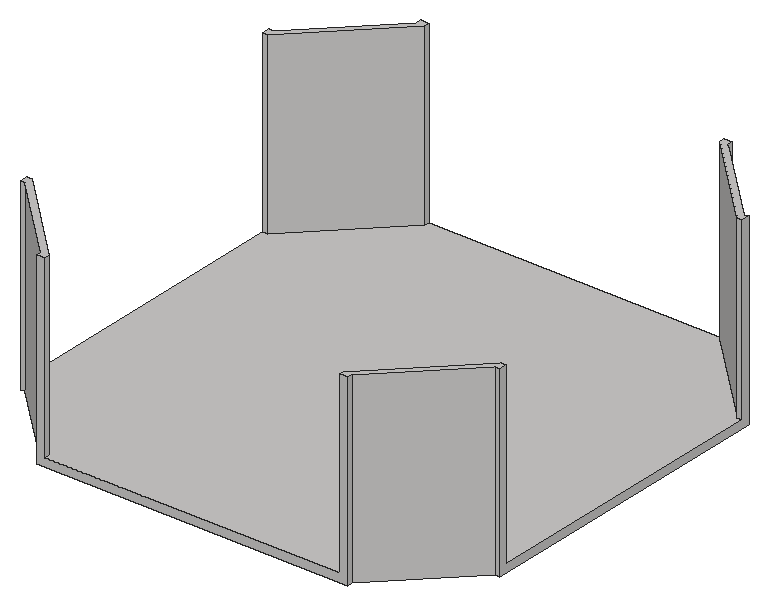
Revit family "Cable_Tray_Fitting-Solid_Tray-OBO_Bettermann-Channel_Horizontal_Cross_Over-MKS_Magic", category Cable Tray Fittings, Revit 2012
Parameters (values of type "Hot Dipped Galvanised")
  URL = "http://www.obo-bettermann.com/"
  Tray Width 3 [instance] = 100 mm
  Tray Width 1 [instance] = 100 mm
  Tray Length [instance] = 1.588 mm
  Tray Height [instance] = 60 mm
  Tray Connector 4 Location [instance] = if(Tray Width 3 > 399.9 mm, (Tray Width 3 / 2) + 255 mm, (Tray Width 3 / 2) + 27 mm)  # 77 mm
  Tray Connector 3 Location [instance] = if(Tray Width 3 > 399.9 mm, (Tray Width 3 / 2) + 255 mm, (Tray Width 3 / 2) + 27 mm)  # 77 mm
  Tray Connector 2 Location [instance] = if(Tray Width 1 > 399.9 mm, (Tray Width 1 / 2) + 255 mm, (Tray Width 1 / 2) + 27 mm)  # 77 mm
  Tray Connector 1 Location [instance] = if(Tray Width 1 > 399.9 mm, (Tray Width 1 / 2) + 255 mm, (Tray Width 1 / 2) + 27 mm)  # 77 mm
  built-in parameter 1140111 [instance] = 2.58 mm
  Small Tray Cross Over [instance] = not(Large Tray Cross Over)  # yes
  Radius = 25.4 mm
  Product Page URL = "http://catalog2.obo-bettermann.com/catalogue/catalogue.do?favOid=kts_315277&act=showIO&lang=en&action=start&catId=KTS&forward=showSolutionView"
  Product Documentation Link = ""
  Pre Galvanized = yes
  Model = "MKS-Magic"
  Manufacturer = "OBO Bettermann"
  Large Tray Cross Over [instance] = (Tray Width 1 > 399.9 mm)  # no
  Description = "Solid Cable tray"
  Connector Description 4 = "Connector for Cable Tray 4"  # constant formula
  Connector Description 3 = "Connector for Cable Tray 3"  # constant formula
  Connector Description 2 = "Connector for Cable Tray 2"  # constant formula
  Connector Description = "Connector for Cable Tray 1"  # constant formula
  Classification = "Refer to online Catalog for UL and cUL classifed sizes and wire sizes."
  Cable Tray Material = Metal - OBO Bettermann - Hot-Dipped-Galvanised
  Assembly Code = "D5030600"
Types (2, lengths in mm): name | Cable Tray Material
  Stripped Galvanised | Metal - OBO Bettermann - Strip-Galvanised
  Hot Dipped Galvanised | Metal - OBO Bettermann - Hot-Dipped-Galvanised
Reference planes
  plane 1 "Center (Front/Back)": y = 0
  plane 2: z = 0
  plane 3 "Center (Left/Right)": x = 0
  plane 4: y = 50
  plane 5: y = -50
  plane 6: z = 30
  plane 7: z = -30
  plane 8: y = -75.4
  plane 9: x = -50
  plane 10: x = 50
  plane 11: x = -75.4
  plane 12: x = 75.4
  plane 13: y = -47.42
  plane 14: y = 47.42
  plane 15: y = -76.988
  plane 16: x = -47.42
  plane 17: x = 47.42
  plane 18: x = -76.987
  plane 19: x = 76.988
  plane 20: z = -27.42
  plane 21: y = 75.4
  plane 22: y = 76.987
  plane 23 "Tray Connector Left": x = -77
  plane 24 "Tray Connector Right": x = 77
  plane 25 "Tray Connector Branch Lower": y = -77
  plane 26 "Tray Connector Branch Upper": y = 77
Lines and regions (mm)
  model lines, style "Coarse View", detail levels coarse
    curve 1: line (-76.987, 0, 0) -> (76.988, 0, 0)
    curve 2: line (0, 0, 0) -> (0, -76.988, 0)
    curve 3: line (0, 76.987, 0) -> (0, 0, 0)
  symbolic lines, detail levels fine
    curve 4: line (47.42, 76.987, 0) -> (47.42, 75.4, 0)
    curve 5: line (75.4, 47.42, 0) -> (76.988, 47.42, 0)
    curve 6: line (76.988, -47.42, 0) -> (75.4, -47.42, 0)
    curve 7: line (47.42, -75.4, 0) -> (47.42, -76.988, 0)
    curve 8: line (-47.42, -76.988, 0) -> (-47.42, -75.4, 0)
    curve 9: line (-75.4, -47.42, 0) -> (-76.987, -47.42, 0)
Dimensions and locks
  equal spacing: plane 4, plane 1 "Center (Front/Back)", plane 5
  "Tray Width 1": plane 4 to plane 5
  equal spacing: plane 6, plane 2, plane 7
  "Tray Height": plane 6 to plane 7
  plane 5 to plane 8 = 25.4 mm
  equal spacing: plane 9, plane 3 "Center (Left/Right)", plane 10
  "Tray Width 3": plane 9 to plane 10
  plane 11 to plane 9 = 25.4 mm
  plane 10 to plane 12 = 25.4 mm
  "built-in parameter 1140111": plane 13 to plane 5
  "built-in parameter 1140111": plane 4 to plane 14
  "Tray Length": plane 8 to plane 15
  "built-in parameter 1140111": plane 9 to plane 16
  "built-in parameter 1140111": plane 17 to plane 10
  "Tray Length": plane 18 to plane 11
  "Tray Length": plane 12 to plane 19
  "built-in parameter 1140111": plane 20 to plane 7
  "Tray Length": plane 21 to plane 22
  "Radius": plane 21 to plane 4
  "Tray Connector 1 Location": plane 23 "Tray Connector Left" to plane 3 "Center (Left/Right)"
  "Tray Connector 2 Location": plane 3 "Center (Left/Right)" to plane 24 "Tray Connector Right"
  "Tray Connector 4 Location": plane 26 "Tray Connector Branch Upper" to plane 1 "Center (Front/Back)"
  "Tray Connector 3 Location": plane 25 "Tray Connector Branch Lower" to plane 1 "Center (Front/Back)"
  plane 26 "Tray Connector Branch Upper" to plane 22 = 0.013 mm
  aligned and locked: plane 19 to curve 1
  aligned and locked: plane 18 to curve 1
  aligned and locked: plane 15 to curve 2
  aligned and locked: plane 1 "Center (Front/Back)" to curve 2
  aligned and locked: curve 2 to plane 3 "Center (Left/Right)"
  aligned and locked: plane 22 to curve 3
  aligned and locked: curve 3 to plane 3 "Center (Left/Right)"
  aligned and locked: plane 18 to curve 9
  aligned and locked: plane 15 to curve 8
  aligned and locked: plane 15 to curve 7
  aligned and locked: plane 19 to curve 6
  aligned and locked: plane 19 to curve 5
  aligned and locked: plane 22 to curve 4
  aligned and locked: nested 1 to plane 9
  aligned and locked: plane 10 to nested 1
  aligned and locked: nested 1 to plane 5
  aligned and locked: plane 4 to nested 1
  aligned and locked: nested 2 to plane 22
  aligned and locked: nested 2 to plane 18
  aligned and locked: nested 2 to plane 15
  aligned and locked: plane 19 to nested 2
Automatic sketch dimensions
  curve 4 to plane 17 = 0 mm
  plane 21 to curve 4 = 0 mm
  curve 6 to plane 13 = 0 mm
  curve 8 to plane 16 = 0 mm
  curve 8 to plane 8 = 0 mm
  curve 9 to plane 11 = 0 mm
  curve 9 to plane 13 = 0 mm
  curve 5 to plane 12 = 0 mm
  curve 5 to plane 14 = 0 mm
  curve 7 to plane 17 = 0 mm
  curve 6 to plane 12 = 0 mm
  curve 7 to plane 8 = 0 mm
Nested families
  nested 1: "Cable_Tray_Fitting-Solid_Tray-OBO_Bettermann-Channel_Horizontal_Cross_Over_400-600-MKS" at (0, 0, 0), Tray Width 3 <- "Tray Width 3", Tray Width 1 <- "Tray Width 1", Tray Height <- "Tray Height", built-in parameter 1140111 <- "built-in parameter 1140111", visible <- "Large Tray Cross Over", type "Stripped Galvanised"
    with Tray Width 3 100 mm, Tray Width 1 100 mm, Tray Length 1.588 mm, Tray Height 60 mm, built-in parameter 1140111 2.58 mm, Radius Label 150 mm
  nested 2: "Cable_Tray_Fitting-Solid_Tray-OBO_Bettermann-Channel_Horizontal_Cross_Over_100-300-MKS" at (0, 0, 0), Tray Width 3 <- "Tray Width 3", Tray Width 1 <- "Tray Width 1", Tray Height <- "Tray Height", built-in parameter 1140111 <- "built-in parameter 1140111", visible <- "Small Tray Cross Over", type "Stripped Galvanised"
    with Tray Width 3 100 mm, Tray Width 1 100 mm, Tray Length 1.588 mm, Tray Height 60 mm, built-in parameter 1140111 2.58 mm, Radius Label 1 27.98 mm, Radius Label 25.4 mm
Connectors
  cabletrayconduit at (-77, 0, 0), driven by "Tray Height", driven by "Tray Width 1", driven by "Connector Description"
    settings: index 1, connector width 100 mm, connector height 60 mm, connector radius 300 mm, connector angle 0.00°, system type 32, placement type 0, profile type 1, connector reference index -1, is primary connector yes, connector utility param no, connector description "Connector for Cable Tray 1"
  cabletrayconduit at (77, 0, 0), driven by "Tray Height", driven by "Tray Width 1", driven by "Connector Description 2"
    settings: index 2, connector width 100 mm, connector height 60 mm, connector radius 300 mm, connector angle 0.00°, system type 32, placement type 0, profile type 1, connector reference index -1, is primary connector no, connector utility param no, connector description "Connector for Cable Tray 2"
  cabletrayconduit at (0, 77, 0), driven by "Tray Width 3", driven by "Tray Height", driven by "Connector Description 4"
    settings: index 3, connector width 100 mm, connector height 60 mm, connector radius 300 mm, connector angle 0.00°, system type 32, placement type 0, profile type 1, connector reference index -1, is primary connector no, connector utility param no, connector description "Connector for Cable Tray 4"
  cabletrayconduit at (0, -77, 0), driven by "Tray Height", driven by "Tray Width 3", driven by "Connector Description 3"
    settings: index 4, connector width 100 mm, connector height 60 mm, connector radius 300 mm, connector angle 0.00°, system type 32, placement type 0, profile type 1, connector reference index -1, is primary connector no, connector utility param no, connector description "Connector for Cable Tray 3"
Definition of nested family "Cable_Tray_Fitting-Solid_Tray-OBO_Bettermann-Channel_Horizontal_Cross_Over_400-600-MKS"
  Parameters (values of type "Stripped Galvanised")
    URL = "http://www.obo-bettermann.com/"
    Tray Width 3 [instance] = 400 mm
    Tray Width 1 [instance] = 400 mm
    Tray Length [instance] = 1.588 mm
    Tray Height [instance] = 60 mm
    built-in parameter 1140111 [instance] = 2.58 mm
    Radius Label 1 = Radius + 2.6 mm  # 152.6 mm
    Radius Label [instance] = Radius  # 150 mm
    Radius = 150 mm
    Product Page URL = "http://catalog2.obo-bettermann.com/catalogue/catalogue.do?favOid=kts_315277&act=showIO&lang=en&action=start&catId=KTS&forward=showSolutionView"
    Product Documentation Link = ""
    Pre Galvanized = yes
    Model = "MKS"
    Manufacturer = "OBO Bettermann"
    Description = "Cable tray"
    Connector Description 4 = "Connector for Cable Tray 4"  # constant formula
    Connector Description 3 = "Connector for Cable Tray 3"  # constant formula
    Connector Description 2 = "Connector for Cable Tray 2"  # constant formula
    Connector Description = "Connector for Cable Tray 1"  # constant formula
    Classification = "Refer to online Catalog for UL and cUL classifed sizes and wire sizes."
    Cable Tray Material = Metal - OBO Bettermann - Strip-Galvanised
    Assembly Code = "D5030600"
  Types (2, lengths in mm): name | Cable Tray Material
    Stripped Galvanised | Metal - OBO Bettermann - Strip-Galvanised
    Steel | Metal - OBO Bettermann - Hot-Dipped-Galvanised
  Reference planes
    plane 1 "Center (Front/Back)": y = 0
    plane 2: z = 0
    plane 3 "Center (Left/Right)": x = 0
    plane 4: y = 200
    plane 5: y = -200
    plane 6: z = 30
    plane 7: z = -30
    plane 8: y = -453.413
    plane 9: x = -200
    plane 10: x = 200
    plane 11: x = -453.412
    plane 12: x = 453.413
    plane 13: y = -197.42
    plane 14: y = 197.42
    plane 15: y = -455
    plane 16: x = -197.42
    plane 17: x = 197.42
    plane 18: x = -455
    plane 19: x = 455
    plane 20: z = -27.42
    plane 21: y = 453.412
    plane 22: y = 455
  Forms (mm)
    Extrusion 1, solid, material "Metal - OBO Bettermann - Strip-Galvanised" <- "Cable Tray Material", detail levels medium+fine
      sketch origin (377.212, 0, 0) x (1, 0, 0) y (0, 1, 0)
        loop
          line (-832.212, -197.42) -> (-832.212, -200) -> (-727.212, -200)
          arc (-727.212, -200) -> (-621.146, -243.934) -> (-577.212, -350) r 150
          line (-577.212, -350) -> (-577.212, -455) -> (-574.633, -455) -> (-574.633, -347.51)
          arc (-574.633, -347.51) -> (-619.308, -242.096) -> (-724.723, -197.42) r 152.6
          line (-724.723, -197.42) -> (-832.212, -197.42)
        loop
          line (-27.212, -200) -> (77.788, -200) -> (77.788, -197.42) -> (-29.702, -197.42)
          arc (-29.702, -197.42) -> (-135.117, -242.096) -> (-179.792, -347.51) r 152.6
          line (-179.792, -347.51) -> (-179.792, -455) -> (-177.212, -455) -> (-177.212, -350)
          arc (-177.212, -350) -> (-133.279, -243.934) -> (-27.212, -200) r 150
        loop
          line (-832.212, 197.42) -> (-724.723, 197.42)
          arc (-724.723, 197.42) -> (-619.308, 242.096) -> (-574.633, 347.51) r 152.6
          line (-574.633, 347.51) -> (-574.633, 455) -> (-577.212, 455) -> (-577.212, 350)
          arc (-577.212, 350) -> (-621.146, 243.934) -> (-727.212, 200) r 150
          line (-727.212, 200) -> (-832.212, 200) -> (-832.212, 197.42)
        loop
          arc (-27.212, 200) -> (-133.279, 243.934) -> (-177.212, 350) r 150
          line (-177.212, 350) -> (-177.212, 455) -> (-179.792, 455) -> (-179.792, 347.51)
          arc (-179.792, 347.51) -> (-135.117, 242.096) -> (-29.702, 197.42) r 152.6
          line (-29.702, 197.42) -> (77.788, 197.42) -> (77.788, 200) -> (-27.212, 200)
      from -30 to 30
    Extrusion 2, solid, material "Metal - OBO Bettermann - Strip-Galvanised" <- "Cable Tray Material", detail levels medium+fine
      sketch origin (0, 0, 0) x (1, 0, 0) y (0, 1, 0)
        loop
          line (-455, 200) -> (-455, -200) -> (-350, -200)
          arc (-350, -200) -> (-243.934, -243.934) -> (-200, -350) r 150
          line (-200, -350) -> (-200, -455) -> (200, -455) -> (200, -350)
          arc (200, -350) -> (243.934, -243.934) -> (350, -200) r 150
          line (350, -200) -> (455, -200) -> (455, 200) -> (350, 200)
          arc (350, 200) -> (243.934, 243.934) -> (200, 350) r 150
          line (200, 350) -> (200, 455) -> (-200, 455) -> (-200, 350)
          arc (-200, 350) -> (-243.934, 243.934) -> (-350, 200) r 150
          line (-350, 200) -> (-455, 200)
      from -30 to -27.42
    Extrusion 3, solid, material "Metal - OBO Bettermann - Strip-Galvanised" <- "Cable Tray Material", detail levels medium
      sketch origin (0, 0, 0) x (1, 0, 0) y (0, 1, 0)
        loop
          line (-455, 200) -> (-455, -200) -> (-350, -200)
          arc (-350, -200) -> (-243.934, -243.934) -> (-200, -350) r 150
          line (-200, -350) -> (-200, -455) -> (200, -455) -> (200, -350)
          arc (200, -350) -> (243.934, -243.934) -> (350, -200) r 150
          line (350, -200) -> (455, -200) -> (455, 200) -> (350, 200)
          arc (350, 200) -> (243.934, 243.934) -> (200, 350) r 150
          line (200, 350) -> (200, 455) -> (-200, 455) -> (-200, 350)
          arc (-200, 350) -> (-243.934, 243.934) -> (-350, 200) r 150
          line (-350, 200) -> (-455, 200)
      from -30 to 30
  Cuts and joins
    joined: Extrusion 1, Extrusion 2
  Lines and regions (mm)
    model lines, style "Coarse View", detail levels coarse
      curve 1: line (-455, 0, 0) -> (455, 0, 0)
      curve 2: line (0, 0, 0) -> (0, -455, 0)
      curve 3: line (0, 455, 0) -> (0, 0, 0)
    symbolic lines, detail levels fine
      curve 4: line (197.42, 455, 0) -> (197.42, 453.412, 0)
      curve 5: line (453.413, 197.42, 0) -> (455, 197.42, 0)
      curve 6: line (455, -197.42, 0) -> (453.413, -197.42, 0)
      curve 7: line (197.42, -453.413, 0) -> (197.42, -455, 0)
      curve 8: line (-197.42, -455, 0) -> (-197.42, -453.413, 0)
      curve 9: line (-453.412, -197.42, 0) -> (-455, -197.42, 0)
      curve 10: line (-200, -350, 0) -> (-200, -455, 0)
      curve 11: arc (-350, -200, 0) -> (-243.934, -243.934, 0) -> (-200, -350, 0) r 150
      curve 12: line (-455, -200, 0) -> (-350, -200, 0)
      curve 13: line (350, -200, 0) -> (455, -200, 0)
      curve 14: arc (200, -350, 0) -> (243.934, -243.934, 0) -> (350, -200, 0) r 150
      curve 15: line (200, -455, 0) -> (200, -350, 0)
      curve 16: line (200, 350, 0) -> (200, 455, 0)
      curve 17: arc (350, 200, 0) -> (243.934, 243.934, 0) -> (200, 350, 0) r 150
      curve 18: line (455, 200, 0) -> (350, 200, 0)
      curve 19: line (-350, 200, 0) -> (-455, 200, 0)
      curve 20: arc (-200, 350, 0) -> (-243.934, 243.934, 0) -> (-350, 200, 0) r 150
      curve 21: line (-200, 455, 0) -> (-200, 350, 0)
  Dimensions and locks
    equal spacing: plane 4, plane 1 "Center (Front/Back)", plane 5
    "Tray Width 1": plane 4 to plane 5
    equal spacing: plane 6, plane 2, plane 7
    "Tray Height": plane 6 to plane 7
    equal spacing: plane 9, plane 3 "Center (Left/Right)", plane 10
    "Tray Width 3": plane 9 to plane 10
    "built-in parameter 1140111": plane 13 to plane 5
    "built-in parameter 1140111": plane 4 to plane 14
    "Tray Length": plane 8 to plane 15
    "built-in parameter 1140111": plane 9 to plane 16
    "built-in parameter 1140111": plane 17 to plane 10
    "Tray Length": plane 18 to plane 11
    "Tray Length": plane 12 to plane 19
    "built-in parameter 1140111": plane 20 to plane 7
    "Tray Length": plane 21 to plane 22
    locked: plane 18 to plane 9 at 255
    locked: plane 10 to plane 19 at 255
    equal spacing: plane 18, plane 3 "Center (Left/Right)", plane 19
    locked: plane 4 to plane 22 at 255
    locked: plane 5 to plane 15 at 255
    equal spacing: plane 15, plane 1 "Center (Front/Back)", plane 22
    "Radius Label": radius of Extrusion 3 sketch curve  (x4)
    "Radius Label": radius of Extrusion 1 sketch curve  (x4)
    "Radius Label 1": radius of Extrusion 1 sketch curve  (x4)
    aligned and locked: Extrusion 1 to plane 7
    aligned and locked: plane 6 to Extrusion 1
    aligned and locked: plane 5 to Extrusion 2 sketch curve
    aligned and locked: plane 19 to Extrusion 2 sketch curve
    aligned and locked: plane 9 to Extrusion 2 sketch curve
    aligned and locked: Extrusion 2 sketch curve to plane 15
    aligned and locked: Extrusion 2 to plane 7
    aligned and locked: plane 20 to Extrusion 2
    aligned and locked: plane 18 to Extrusion 3 sketch curve
    aligned and locked: Extrusion 3 sketch curve to plane 5
    aligned and locked: plane 4 to Extrusion 3 sketch curve  (x2)
    aligned and locked: plane 5 to Extrusion 3 sketch curve
    aligned and locked: plane 10 to Extrusion 3 sketch curve
    aligned and locked: plane 9 to Extrusion 3 sketch curve
    aligned and locked: Extrusion 3 sketch curve to plane 15
    aligned and locked: Extrusion 3 to plane 7
    aligned and locked: plane 6 to Extrusion 3
    aligned and locked: plane 19 to curve 1
    aligned and locked: plane 18 to curve 1
    aligned and locked: plane 15 to curve 2
    aligned and locked: plane 1 "Center (Front/Back)" to curve 2
    aligned and locked: curve 2 to plane 3 "Center (Left/Right)"
    aligned and locked: plane 22 to curve 3
    aligned and locked: curve 3 to plane 3 "Center (Left/Right)"
    aligned and locked: plane 18 to curve 9
    aligned and locked: plane 15 to curve 8
    aligned and locked: plane 15 to curve 7
    aligned and locked: plane 19 to curve 6
    aligned and locked: plane 19 to curve 5
    aligned and locked: plane 22 to curve 4
    aligned and locked: Extrusion 2 sketch curve to cut or joined group of Extrusion 1, Extrusion 2  (x8)
    aligned and locked: curve 11 to cut or joined group of Extrusion 1, Extrusion 2
    aligned and locked: curve 12 to cut or joined group of Extrusion 1, Extrusion 2
    aligned and locked: curve 14 to cut or joined group of Extrusion 1, Extrusion 2
    aligned and locked: curve 17 to cut or joined group of Extrusion 1, Extrusion 2
    aligned and locked: curve 18 to cut or joined group of Extrusion 1, Extrusion 2
    aligned and locked: curve 20 to cut or joined group of Extrusion 1, Extrusion 2
    aligned and locked: curve 21 to cut or joined group of Extrusion 1, Extrusion 2
  Automatic sketch dimensions
    curve 9 to plane 11 = 0 mm
    curve 7 to plane 8 = 0 mm
    curve 7 to plane 17 = 0 mm
    curve 4 to plane 17 = 0 mm
    curve 6 to plane 13 = 0 mm
    curve 9 to plane 13 = 0 mm
    Extrusion 3 sketch curve to plane 9 = 0 mm
    Extrusion 3 sketch curve to plane 10 = 0 mm
    Extrusion 3 sketch curve to plane 19 = 0 mm
    plane 22 to Extrusion 3 sketch curve = 0 mm
    Extrusion 1 sketch curve to Extrusion 1 sketch curve = 0 mm  (x8)
    Extrusion 1 sketch curve to plane 13 = 0 mm  (x2)
    Extrusion 1 sketch curve to plane 18 = 0 mm  (x2)
    Extrusion 1 sketch curve to plane 4 = 0 mm  (x2)
    Extrusion 1 sketch curve to plane 5 = 0 mm  (x2)
    Extrusion 1 sketch curve to plane 14 = 0 mm  (x2)
    Extrusion 1 sketch curve to plane 9 = 0 mm  (x2)
    Extrusion 1 sketch curve to plane 16 = 0 mm  (x2)
    Extrusion 1 sketch curve to plane 17 = 0 mm  (x2)
    Extrusion 1 sketch curve to plane 10 = 0 mm  (x2)
    Extrusion 1 sketch curve to plane 19 = 0 mm  (x2)
    Extrusion 1 sketch curve to plane 15 = 0 mm  (x2)
    plane 22 to Extrusion 1 sketch curve = 0 mm  (x2)
    Extrusion 2 sketch curve to plane 18 = 0 mm
    plane 22 to Extrusion 2 sketch curve = 0 mm
    curve 10 to plane 15 = 0 mm
    curve 12 to plane 18 = 0 mm
    curve 8 to plane 8 = 0 mm
    curve 8 to plane 16 = 0 mm
    curve 6 to plane 12 = 0 mm
    curve 13 to plane 19 = 0 mm
    curve 15 to plane 15 = 0 mm
    plane 22 to curve 16 = 0 mm
    curve 18 to plane 19 = 0 mm
    curve 5 to plane 12 = 0 mm
    curve 5 to plane 14 = 0 mm
    plane 21 to curve 4 = 0 mm
    curve 19 to plane 18 = 0 mm
    plane 22 to curve 21 = 0 mm
  Connectors
    cabletrayconduit at (-455, 0, 0), driven by "Tray Height", driven by "Tray Width 1", driven by "Connector Description"
      settings: on Extrusion 3, index 1, connector width 400 mm, connector height 60 mm, connector radius 304.8 mm, connector angle 0.00°, system type 32, placement type 0, profile type 1, connector reference index 2, is primary connector yes, connector utility param no, connector description "Connector for Cable Tray 1"
    cabletrayconduit at (455, 0, 0), driven by "Tray Height", driven by "Tray Width 1", driven by "Connector Description 2"
      settings: on Extrusion 3, index 2, connector width 400 mm, connector height 60 mm, connector radius 304.8 mm, connector angle 0.00°, system type 32, placement type 0, profile type 1, connector reference index 1, is primary connector no, connector utility param no, connector description "Connector for Cable Tray 2"
    cabletrayconduit at (0, -455, 0), driven by "Tray Height", driven by "Tray Width 3", driven by "Connector Description 3"
      settings: on Extrusion 3, index 3, connector width 400 mm, connector height 60 mm, connector radius 304.8 mm, connector angle 0.00°, system type 32, placement type 0, profile type 1, connector reference index 4, is primary connector no, connector utility param no, connector description "Connector for Cable Tray 3"
    cabletrayconduit at (0, 455, 0), driven by "Tray Height", driven by "Tray Width 3", driven by "Connector Description 4"
      settings: on Extrusion 3, index 4, connector width 400 mm, connector height 60 mm, connector radius 304.8 mm, connector angle 0.00°, system type 32, placement type 0, profile type 1, connector reference index 3, is primary connector no, connector utility param no, connector description "Connector for Cable Tray 4"
Definition of nested family "Cable_Tray_Fitting-Solid_Tray-OBO_Bettermann-Channel_Horizontal_Cross_Over_100-300-MKS"
  Parameters (values of type "Steel")
    URL = "http://www.obo-bettermann.com/"
    Tray Width 3 [instance] = 100 mm
    Tray Width 1 [instance] = 100 mm
    Tray Length [instance] = 1.588 mm
    Tray Height [instance] = 60 mm
    built-in parameter 1140111 [instance] = 2.58 mm
    Radius Label 1 [instance] = Radius Label + [built-in parameter 1140111]  # 27.98 mm
    Radius Label [instance] = Radius  # 25.4 mm
    Radius = 25.4 mm
    Product Page URL = "http://catalog2.obo-bettermann.com/catalogue/catalogue.do?favOid=kts_315277&act=showIO&lang=en&action=start&catId=KTS&forward=showSolutionView"
    Product Documentation Link = ""
    Pre Galvanized = yes
    Model = "MKS"
    Manufacturer = "OBO Bettermann"
    Description = "Cable tray"
    Connector Description 4 = "Connector for Cable Tray 4"  # constant formula
    Connector Description 3 = "Connector for Cable Tray 3"  # constant formula
    Connector Description 2 = "Connector for Cable Tray 2"  # constant formula
    Connector Description = "Connector for Cable Tray 1"  # constant formula
    Classification = "Refer to online Catalog for UL and cUL classifed sizes and wire sizes."
    Cable Tray Material = Metal - OBO Bettermann - Hot-Dipped-Galvanised
    Assembly Code = "D5030600"
  Types (2, lengths in mm): name | Cable Tray Material
    Stripped Galvanised | Metal - OBO Bettermann - Strip-Galvanised
    Steel | Metal - OBO Bettermann - Hot-Dipped-Galvanised
  Reference planes
    plane 1 "Center (Front/Back)": y = 0
    plane 2: z = 0
    plane 3 "Center (Left/Right)": x = 0
    plane 4: y = 50
    plane 5: y = -50
    plane 6: z = 30
    plane 7: z = -30
    plane 8: y = -75.4
    plane 9: x = -50
    plane 10: x = 50
    plane 11: x = -75.4
    plane 12: x = 75.4
    plane 13: y = -47.42
    plane 14: y = 47.42
    plane 15: y = -76.988
    plane 16: x = -47.42
    plane 17: x = 47.42
    plane 18: x = -76.987
    plane 19: x = 76.988
    plane 20: z = -27.42
    plane 21: y = 75.4
    plane 22: y = 76.987
  Forms (mm)
    Extrusion 1, solid, material "Metal - OBO Bettermann - Hot-Dipped-Galvanised" <- "Cable Tray Material", detail levels medium+fine
      sketch origin (-0.8, 0, 0) x (1, 0, 0) y (0, 1, 0)
        loop
          line (-76.187, -47.42) -> (-76.187, -50) -> (-74.6, -50) -> (-49.2, -75.4) -> (-49.2, -76.988) -> (-46.62, -76.988) -> (-46.62, -75.4) -> (-74.6, -47.42) -> (-76.187, -47.42)
        loop
          line (76.2, -50) -> (77.788, -50) -> (77.788, -47.42) -> (76.2, -47.42) -> (48.22, -75.4) -> (48.22, -76.988) -> (50.8, -76.988) -> (50.8, -75.4) -> (76.2, -50)
        loop
          line (-76.187, 50) -> (-76.187, 47.42) -> (-74.6, 47.42) -> (-46.62, 75.4) -> (-46.62, 76.987) -> (-49.2, 76.987) -> (-49.2, 75.4) -> (-74.6, 50) -> (-76.187, 50)
        loop
          line (48.22, 76.987) -> (48.22, 75.4) -> (76.2, 47.42) -> (77.788, 47.42) -> (77.788, 50) -> (76.2, 50) -> (50.8, 75.4) -> (50.8, 76.987) -> (48.22, 76.987)
      from -30 to 30
    Extrusion 2, solid, material "Metal - OBO Bettermann - Hot-Dipped-Galvanised" <- "Cable Tray Material", detail levels medium+fine
      sketch origin (0, 0, 0) x (1, 0, 0) y (0, 1, 0)
        loop
          line (-76.987, -50) -> (-75.4, -50) -> (-50, -75.4) -> (-50, -76.988) -> (50, -76.988) -> (50, -75.4) -> (75.4, -50) -> (76.988, -50) -> (76.988, 50) -> (75.4, 50) -> (50, 75.4) -> (50, 76.987) -> (-50, 76.987) -> (-50, 75.4) -> (-75.4, 50) -> (-76.987, 50) -> (-76.987, -50)
      from -30 to -27.42
    Extrusion 3, solid, material "Metal - OBO Bettermann - Hot-Dipped-Galvanised" <- "Cable Tray Material", detail levels medium
      sketch origin (0, 0, 0) x (1, 0, 0) y (0, 1, 0)
        loop
          line (-76.987, 50) -> (-76.987, -50) -> (-75.4, -50) -> (-50, -75.4) -> (-50, -76.988) -> (50, -76.988) -> (50, -75.4) -> (75.4, -50) -> (76.988, -50) -> (76.988, 50) -> (75.4, 50) -> (50, 75.4) -> (50, 76.987) -> (-50, 76.987) -> (-50, 75.4) -> (-75.4, 50) -> (-76.987, 50)
      from -30 to 30
  Cuts and joins
    joined: Extrusion 1, Extrusion 2
  Lines and regions (mm)
    model lines, style "Coarse View", detail levels coarse
      curve 1: line (-76.987, 0, 0) -> (76.988, 0, 0)
      curve 2: line (0, 0, 0) -> (0, -76.988, 0)
      curve 3: line (0, 76.987, 0) -> (0, 0, 0)
    symbolic lines, detail levels fine
      curve 4: line (47.42, 76.987, 0) -> (47.42, 75.4, 0)
      curve 5: line (47.42, 75.4, 0) -> (75.4, 47.42, 0)
      curve 6: line (75.4, 47.42, 0) -> (76.988, 47.42, 0)
      curve 7: line (76.988, -47.42, 0) -> (75.4, -47.42, 0)
      curve 8: line (75.4, -47.42, 0) -> (47.42, -75.4, 0)
      curve 9: line (47.42, -75.4, 0) -> (47.42, -76.988, 0)
      curve 10: line (-47.42, -76.988, 0) -> (-47.42, -75.4, 0)
      curve 11: line (-47.42, -75.4, 0) -> (-75.4, -47.42, 0)
      curve 12: line (-75.4, -47.42, 0) -> (-76.987, -47.42, 0)
  Dimensions and locks
    equal spacing: plane 4, plane 1 "Center (Front/Back)", plane 5
    "Tray Width 1": plane 4 to plane 5
    equal spacing: plane 6, plane 2, plane 7
    "Tray Height": plane 6 to plane 7
    "Radius Label": plane 5 to plane 8
    equal spacing: plane 9, plane 3 "Center (Left/Right)", plane 10
    "Tray Width 3": plane 9 to plane 10
    "Radius Label": plane 11 to plane 9
    "Radius Label": plane 10 to plane 12
    "built-in parameter 1140111": plane 13 to plane 5
    "built-in parameter 1140111": plane 4 to plane 14
    "Tray Length": plane 8 to plane 15
    "built-in parameter 1140111": plane 9 to plane 16
    "built-in parameter 1140111": plane 17 to plane 10
    "Tray Length": plane 18 to plane 11
    "Tray Length": plane 12 to plane 19
    "built-in parameter 1140111": plane 20 to plane 7
    "Tray Length": plane 21 to plane 22
    "Radius": plane 21 to plane 4
    aligned and locked: plane 11 to Extrusion 1 sketch curve  (x4)
    aligned and locked: Extrusion 1 sketch curve to plane 13
    aligned and locked: plane 18 to Extrusion 1 sketch curve  (x2)
    aligned and locked: Extrusion 1 sketch curve to plane 5
    aligned and locked: plane 8 to Extrusion 1 sketch curve  (x4)
    aligned and locked: plane 15 to Extrusion 1 sketch curve  (x2)
    aligned and locked: plane 16 to Extrusion 1 sketch curve  (x3)
    aligned and locked: plane 9 to Extrusion 1 sketch curve  (x3)
    aligned and locked: Extrusion 1 sketch curve to plane 15  (x2)
    aligned and locked: Extrusion 1 sketch curve to plane 18  (x2)
    aligned and locked: Extrusion 1 to plane 7
    aligned and locked: plane 6 to Extrusion 1
    aligned and locked: plane 19 to Extrusion 1 sketch curve  (x3)
    aligned and locked: plane 5 to Extrusion 1 sketch curve  (x3)
    aligned and locked: plane 13 to Extrusion 1 sketch curve  (x3)
    aligned and locked: Extrusion 1 sketch curve to plane 19
    aligned and locked: Extrusion 1 sketch curve to plane 17
    aligned and locked: Extrusion 1 sketch curve to plane 10  (x2)
    aligned and locked: plane 10 to Extrusion 1 sketch curve  (x2)
    aligned and locked: plane 17 to Extrusion 1 sketch curve  (x3)
    aligned and locked: plane 18 to Extrusion 2 sketch curve  (x2)
    aligned and locked: plane 11 to Extrusion 2 sketch curve  (x2)
    aligned and locked: Extrusion 2 sketch curve to plane 5
    aligned and locked: plane 4 to Extrusion 2 sketch curve
    aligned and locked: plane 5 to Extrusion 2 sketch curve
    aligned and locked: plane 19 to Extrusion 2 sketch curve  (x2)
    aligned and locked: plane 12 to Extrusion 2 sketch curve  (x2)
    aligned and locked: plane 8 to Extrusion 2 sketch curve  (x2)
    aligned and locked: plane 15 to Extrusion 2 sketch curve
    aligned and locked: plane 10 to Extrusion 2 sketch curve
    aligned and locked: plane 9 to Extrusion 2 sketch curve
    aligned and locked: Extrusion 2 sketch curve to plane 15
    aligned and locked: Extrusion 2 to plane 7
    aligned and locked: plane 20 to Extrusion 2
    aligned and locked: plane 18 to Extrusion 3 sketch curve  (x2)
    aligned and locked: plane 11 to Extrusion 3 sketch curve  (x2)
    aligned and locked: Extrusion 3 sketch curve to plane 5  (x2)
    aligned and locked: plane 4 to Extrusion 3 sketch curve  (x2)
    aligned and locked: plane 5 to Extrusion 3 sketch curve
    aligned and locked: plane 12 to Extrusion 3 sketch curve  (x2)
    aligned and locked: plane 19 to Extrusion 3 sketch curve  (x2)
    aligned and locked: plane 15 to Extrusion 3 sketch curve
    aligned and locked: Extrusion 3 sketch curve to plane 10  (x2)
    aligned and locked: plane 8 to Extrusion 3 sketch curve
    aligned and locked: plane 10 to Extrusion 3 sketch curve
    aligned and locked: plane 9 to Extrusion 3 sketch curve
    aligned and locked: Extrusion 3 sketch curve to plane 15
    aligned and locked: Extrusion 3 to plane 7
    aligned and locked: plane 6 to Extrusion 3
    aligned and locked: plane 19 to curve 1
    aligned and locked: plane 18 to curve 1
    aligned and locked: plane 15 to curve 2
    aligned and locked: plane 1 "Center (Front/Back)" to curve 2
    aligned and locked: curve 2 to plane 3 "Center (Left/Right)"
    aligned and locked: Extrusion 1 sketch curve to plane 14
    aligned and locked: Extrusion 1 sketch curve to plane 4
    aligned and locked: plane 22 to Extrusion 1 sketch curve  (x4)
    aligned and locked: Extrusion 1 sketch curve to plane 9
    aligned and locked: Extrusion 1 sketch curve to plane 16
    aligned and locked: plane 4 to Extrusion 1 sketch curve  (x2)
    aligned and locked: plane 14 to Extrusion 1 sketch curve  (x2)
    aligned and locked: plane 22 to Extrusion 3 sketch curve  (x2)
    aligned and locked: plane 21 to Extrusion 3 sketch curve  (x2)
    aligned and locked: Extrusion 3 sketch curve to plane 9
    aligned and locked: plane 22 to Extrusion 2 sketch curve  (x2)
    aligned and locked: plane 21 to Extrusion 2 sketch curve  (x2)
    aligned and locked: Extrusion 2 sketch curve to plane 9
    aligned and locked: Extrusion 2 sketch curve to plane 10
    aligned and locked: plane 22 to curve 3
    aligned and locked: curve 3 to plane 3 "Center (Left/Right)"
    aligned and locked: plane 12 to Extrusion 1 sketch curve  (x3)
    aligned and locked: plane 21 to Extrusion 1 sketch curve  (x4)
    aligned and locked: Extrusion 3 sketch curve to cut or joined group of Extrusion 1, Extrusion 2  (x4)
    aligned and locked: Extrusion 2 sketch curve to cut or joined group of Extrusion 1, Extrusion 2  (x4)
    aligned and locked: curve 4 to cut or joined group of Extrusion 1, Extrusion 2
    aligned and locked: curve 5 to cut or joined group of Extrusion 1, Extrusion 2
    aligned and locked: curve 6 to cut or joined group of Extrusion 1, Extrusion 2
    aligned and locked: curve 7 to cut or joined group of Extrusion 1, Extrusion 2
    aligned and locked: curve 8 to cut or joined group of Extrusion 1, Extrusion 2
    aligned and locked: curve 9 to cut or joined group of Extrusion 1, Extrusion 2
    aligned and locked: curve 10 to cut or joined group of Extrusion 1, Extrusion 2
    aligned and locked: curve 11 to cut or joined group of Extrusion 1, Extrusion 2
    aligned and locked: curve 12 to cut or joined group of Extrusion 1, Extrusion 2
    aligned and locked: plane 18 to curve 12
    aligned and locked: plane 15 to curve 10
    aligned and locked: plane 15 to curve 9
    aligned and locked: plane 19 to curve 7
    aligned and locked: plane 19 to cut or joined group of Extrusion 1, Extrusion 2
    aligned and locked: plane 19 to curve 6
    aligned and locked: plane 22 to curve 4
    aligned and locked: plane 22 to cut or joined group of Extrusion 1, Extrusion 2
  Automatic sketch dimensions
    Extrusion 1 sketch curve to plane 12 = 0 mm
    curve 4 to plane 17 = 0 mm
    curve 5 to plane 12 = 0 mm
    curve 5 to plane 14 = 0 mm
    plane 21 to curve 4 = 0 mm
    curve 8 to plane 8 = 0 mm
    curve 8 to plane 17 = 0 mm
    curve 8 to plane 12 = 0 mm
    curve 7 to plane 13 = 0 mm
    curve 11 to plane 11 = 0 mm
    curve 10 to plane 16 = 0 mm
    curve 10 to plane 8 = 0 mm
    curve 11 to plane 13 = 0 mm
  Connectors
    cabletrayconduit at (-76.987, 0, 0), driven by "Tray Height", driven by "Tray Width 1", driven by "Connector Description"
      settings: on Extrusion 3, index 1, connector width 100 mm, connector height 60 mm, connector radius 304.8 mm, connector angle 0.00°, system type 32, placement type 0, profile type 1, connector reference index 2, is primary connector yes, connector utility param no, connector description "Connector for Cable Tray 1"
    cabletrayconduit at (76.988, 0, 0), driven by "Tray Height", driven by "Tray Width 1", driven by "Connector Description 2"
      settings: on Extrusion 3, index 2, connector width 100 mm, connector height 60 mm, connector radius 304.8 mm, connector angle 0.00°, system type 32, placement type 0, profile type 1, connector reference index 1, is primary connector no, connector utility param no, connector description "Connector for Cable Tray 2"
    cabletrayconduit at (0, -76.988, 0), driven by "Tray Height", driven by "Tray Width 3", driven by "Connector Description 3"
      settings: on Extrusion 3, index 3, connector width 100 mm, connector height 60 mm, connector radius 304.8 mm, connector angle 0.00°, system type 32, placement type 0, profile type 1, connector reference index 4, is primary connector no, connector utility param no, connector description "Connector for Cable Tray 3"
    cabletrayconduit at (0, 76.987, 0), driven by "Tray Height", driven by "Tray Width 3", driven by "Connector Description 4"
      settings: on Extrusion 3, index 4, connector width 100 mm, connector height 60 mm, connector radius 304.8 mm, connector angle 0.00°, system type 32, placement type 0, profile type 1, connector reference index 3, is primary connector no, connector utility param no, connector description "Connector for Cable Tray 4"
